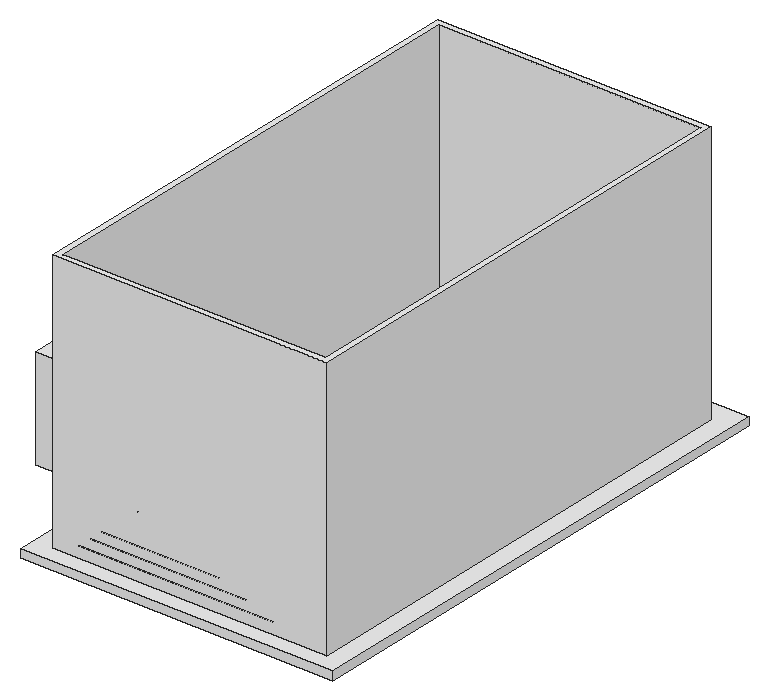
Revit family "Ceiling-Fan_VCDD-070C_Carnes", category Mechanical Equipment, host Ceiling, Revit 2012
Parameters
  ecoScorecard_data = ""
  ecoScorecard Product Page = "http://ecoscorecard.com/"
  Warranty URL = "http://www.carnes.com/GeneralCatalogs/termcond.pdf"
  Housing = Aluminum-Carnes-Spun-Brushed
  URL = "http://www.carnes.com/index.html"
  Specifications URL = ""
  Product Page URL = "http://www.carnes.com/ventilation/vcdd-vcdk.htm"
  Parts List URL = "http://www.carnes.com/ventilation/pdf/22005.pdf"
  Model = "VCDD 070C"  # constant formula
  Material = ""
  Manufacturer Toll Free Phone = ""
  Manufacturer Phone = "608-845-6411"  # constant formula
  Manufacturer Fax = "608-845-6470"  # constant formula
  Manufacturer Email = "mailto:carnes@carnes.com"
  Manufacturer Address = "448 S. Main St., P. O. Box 930040, Verona, WI 53593-0040"  # constant formula
  Manufacturer = "CARNES COMPANY"  # constant formula
  IOM Instructions URL = "http://www.carnes.com/ventilation/pdf/11236.pdf"
  Grill Size = "23-1/4 x 14"
  Grill Depth = 0' - 0 3/8"
  Duct Connector = "4-1/2 x 18"
  Description = "Ceiling Ventilators"  # constant formula
  Cost Info = "mailto:carnes@carnes.com"
  Catalog URL = "http://www.carnes.com/ventilation/pdf/C269-C295.pdf"
  Box Size = "21-1/2 x 12-1/4"
  Box Depth = 0' - 11 3/4"
  Assembly Code = "D3040200"
  95 CSI = "15850"  # constant formula
  04 CSI = "23 37 13"  # constant formula
Reference planes (in)
  plane 1 "Center (Front/Back)": y = 0
  plane 2 "Ceiling": z = 96
  plane 3 "Center (Left/Right)": x = 0
  plane 4: y = 10.75
  plane 5: x = -6.125
  plane 6: y = -10.75
  plane 7: x = 6.125
  plane 8: z = 95.625
  plane 9: z = 107.75
  plane 10: y = 11.625
  plane 11: x = -7
  plane 12: y = -11.625
  plane 13: x = 7
  plane 14: x = 5.875
Forms (in)
  Sweep 1, solid, material "Aluminum-Carnes-Spun-Brushed" <- "Housing", detail levels fine
    path origin (0, 0, 96) x (0, -1, 0) y (1, 0, 0)
      loop
        line (-10.625, 6.125) -> (-10.625, -6.125) -> (10.875, -6.125) -> (10.875, 6.125) -> (-10.625, 6.125)
    profile origin (6.125, -0.125, 96) x (1, 0, 0) y (0, 0, 1)
      loop
        line (0, 0) -> (0, 11.75) -> (-0.25, 11.75) -> (-0.25, 0) -> (0, 0)
  Sweep 2, solid, material "Aluminum-Carnes-Spun-Brushed" <- "Housing", detail levels fine
    path origin (0, 0.125, 96) x (0, -1, 0) y (1, 0, 0)
      loop
        line (-11.5, 7) -> (-11.5, -7) -> (11.75, -7) -> (11.75, 7) -> (-11.5, 7)
    profile origin (7, 0, 96) x (1, 0, 0) y (0, 0, 1)
      loop
        line (0, 0) -> (-1.125, 0) -> (-1.125, -0.375) -> (0, -0.375) -> (0, 0)
  Extrusion 3, solid, material "Aluminum-Carnes-Spun-Brushed", detail levels fine
    sketch origin (0, 0, 96) x (0, 1, 0) y (0, 0, 1)
      loop
        circle (9.99265, -0.1875) r 0.1875
      loop
        circle (9.36029, -0.1875) r 0.1875
      loop
        circle (8.72794, -0.1875) r 0.1875
      loop
        circle (8.09559, -0.1875) r 0.1875
      loop
        circle (7.46324, -0.1875) r 0.1875
      loop
        circle (6.83088, -0.1875) r 0.1875
      loop
        circle (6.19853, -0.1875) r 0.1875
      loop
        circle (5.56618, -0.1875) r 0.1875
      loop
        circle (4.93382, -0.1875) r 0.1875
      loop
        circle (4.30147, -0.1875) r 0.1875
      loop
        circle (3.66912, -0.1875) r 0.1875
      loop
        circle (3.03676, -0.1875) r 0.1875
      loop
        circle (2.40441, -0.1875) r 0.1875
      loop
        circle (1.77206, -0.1875) r 0.1875
      loop
        circle (1.13971, -0.1875) r 0.1875
      loop
        circle (0.50735, -0.1875) r 0.1875
      loop
        circle (-10.24265, -0.1875) r 0.1875
      loop
        circle (-9.61029, -0.1875) r 0.1875
      loop
        circle (-8.97794, -0.1875) r 0.1875
      loop
        circle (-8.34559, -0.1875) r 0.1875
      loop
        circle (-7.71324, -0.1875) r 0.1875
      loop
        circle (-7.08088, -0.1875) r 0.1875
      loop
        circle (-6.44853, -0.1875) r 0.1875
      loop
        circle (-5.81618, -0.1875) r 0.1875
      loop
        circle (-5.18382, -0.1875) r 0.1875
      loop
        circle (-4.55147, -0.1875) r 0.1875
      loop
        circle (-3.91912, -0.1875) r 0.1875
      loop
        circle (-3.28676, -0.1875) r 0.1875
      loop
        circle (-2.65441, -0.1875) r 0.1875
      loop
        circle (-2.02206, -0.1875) r 0.1875
      loop
        circle (-1.38971, -0.1875) r 0.1875
      loop
        circle (-0.75735, -0.1875) r 0.1875
      loop
        circle (-0.125, -0.1875) r 0.1875
    from -5.875 to 5.875
  Sweep 4, solid, material "Aluminum-Carnes-Spun-Brushed" <- "Housing", detail levels fine
    path origin (0, 0, 93.96678) x (0, 1, 0) y (0, 0, 1)
      loop
        line (9.125, 4.03322) -> (9.125, 8.53322) -> (-9.375, 8.53322) -> (-9.375, 4.03322) -> (9.125, 4.03322)
    profile origin (0, 9.125, 100.25) x (0, -1, 0) y (1, 0, 0)
      loop
        line (0, -6.125) -> (0, -8.125) -> (0.125, -8.125) -> (0.125, -6.125) -> (0, -6.125)
Lines and regions (in)
  Opening 1
    outline origin (-60, 60, 97) x (-1, 0, 0) y (0, -1, 0)
      loop
        line (-53, 48.375) -> (-53, 71.625) -> (-67, 71.625) -> (-67, 48.375) -> (-53, 48.375)
  model lines, detail levels coarse+medium
    curve 1: line (-7, 11.625, 96) -> (7, 11.625, 96)
    curve 2: line (7, -11.625, 96) -> (7, 11.625, 96)
    curve 3: line (-7, -11.625, 96) -> (7, -11.625, 96)
    curve 4: line (-8.125, 9.125, 96) -> (-8.125, -9.375, 96)
    curve 5: line (-7, 9.125, 96) -> (-8.125, 9.125, 96)
    curve 6: line (-8.125, -9.375, 96) -> (-7, -9.375, 96)
    curve 7: line (-7, -11.625, 96) -> (-7, -9.375, 96)
    curve 8: line (-7, 9.125, 96) -> (-7, 11.625, 96)
Dimensions and locks (in)
  equal spacing: host sketch curve, plane 3 "Center (Left/Right)", host sketch curve
  equal spacing: host sketch curve, plane 1 "Center (Front/Back)", host sketch curve
  host sketch curve to host sketch curve = 10' - 0"  (x2)
  equal spacing: plane 5, plane 3 "Center (Left/Right)", plane 7
  plane 5 to plane 7 = 1' - 0 1/4"
  equal spacing: plane 4, plane 1 "Center (Front/Back)", plane 6
  plane 4 to plane 6 = 1' - 9 1/2"
  "Grill Depth": plane 2 "Ceiling" to plane 8
  "Box Depth": plane 9 to plane 2 "Ceiling"
  equal spacing: plane 10, plane 1 "Center (Front/Back)", plane 12
  plane 10 to plane 12 = 1' - 11 1/4"
  equal spacing: plane 11, plane 3 "Center (Left/Right)", plane 13
  plane 11 to plane 13 = 1' - 2"
  equal spacing: Extrusion 3 sketch curve, Extrusion 3 sketch curve, Extrusion 3 sketch curve, Extrusion 3 sketch curve, Extrusion 3 sketch curve, Extrusion 3 sketch curve, Extrusion 3 sketch curve, Extrusion 3 sketch curve, Extrusion 3 sketch curve, Extrusion 3 sketch curve, Extrusion 3 sketch curve, Extrusion 3 sketch curve, Extrusion 3 sketch curve, Extrusion 3 sketch curve, Extrusion 3 sketch curve, Extrusion 3 sketch curve, Extrusion 3 sketch curve, Extrusion 3 sketch curve, Extrusion 3 sketch curve, Extrusion 3 sketch curve, Extrusion 3 sketch curve, Extrusion 3 sketch curve, Extrusion 3 sketch curve, Extrusion 3 sketch curve, Extrusion 3 sketch curve, Extrusion 3 sketch curve, Extrusion 3 sketch curve, Extrusion 3 sketch curve, Extrusion 3 sketch curve, Extrusion 3 sketch curve, Extrusion 3 sketch curve, Extrusion 3 sketch curve, Extrusion 3 sketch curve
  aligned and locked: Sweep 1 sketch curve to plane 14
  aligned and locked: Sweep 2 sketch curve to Sweep 1
  aligned and locked: Sweep 2 to Extrusion 3  (x2)
  aligned and locked: Sweep 1 to Sweep 4
  aligned and locked: curve 1 to plane 10
  aligned and locked: plane 13 to curve 2
  aligned and locked: plane 12 to curve 3
  aligned and locked: curve 4 to Sweep 4
  aligned and locked: Sweep 4 to curve 5
  aligned and locked: curve 6 to Sweep 4
Automatic sketch dimensions
  Sweep 1 sketch curve to plane 5 = 0' - 0"
  Sweep 1 sketch curve to plane 7 = 0' - 0"
  Sweep 1 sketch curve to plane 4 = 0' - 0 1/8"
  plane 6 to Sweep 1 sketch curve = 0' - 0 1/8"
  profile plane to Sweep 1 sketch curve = 0' - 0"
  Sweep 1 sketch curve to profile plane = 0' - 0"
  profile plane to Sweep 1 sketch curve = 0' - 11 3/4"
  Sweep 2 sketch curve to plane 11 = 0' - 0"
  Sweep 2 sketch curve to plane 13 = 0' - 0"
  Sweep 2 sketch curve to plane 10 = 0' - 0"
  plane 12 to Sweep 2 sketch curve = 0' - 0"
  profile plane to Sweep 2 sketch curve = 0' - 0"
  Sweep 2 sketch curve to profile plane = 0' - 0"
  Sweep 2 sketch curve to profile plane = 0' - 0 3/8"
  Extrusion 3 sketch curve to plane 2 "Ceiling" = 0' - 0 3/16"  (x33)
  Extrusion 3 sketch curve to plane 6 = 0' - 0.50735"
  Extrusion 3 sketch curve to Extrusion 3 sketch curve = 0' - 0.63235"  (x30)
  Extrusion 3 sketch curve to plane 1 "Center (Front/Back)" = 0' - 0 1/8"
  plane 1 "Center (Front/Back)" to Extrusion 3 sketch curve = 0' - 0.50735"
  Sweep 4 sketch curve to plane 6 = 0' - 1 3/8"
  Sweep 4 sketch curve to plane 4 = 0' - 1 5/8"
  plane 2 "Ceiling" to Sweep 4 sketch curve = 0' - 2"
  Sweep 4 sketch curve to Sweep 4 sketch curve = 0' - 4 1/2"
  Sweep 4 sketch curve to profile plane = 0' - 0"
  Sweep 4 sketch curve to profile plane = 0' - 0 1/8"
  Sweep 4 sketch curve to profile plane = 0' - 8 1/8"
  Sweep 4 sketch curve to Sweep 4 sketch curve = 0' - 2"
  Opening 1 sketch curve to plane 13 = 0' - 0"
  plane 11 to Opening 1 sketch curve = 0' - 0"
  plane 10 to Opening 1 sketch curve = 0' - 0"
  plane 12 to Opening 1 sketch curve = 0' - 0"
  curve 8 to plane 11 = 0' - 0"
  curve 7 to plane 11 = 0' - 0"
  radius of Extrusion 3 sketch curve = 0' - 0 3/16"  (x33)
